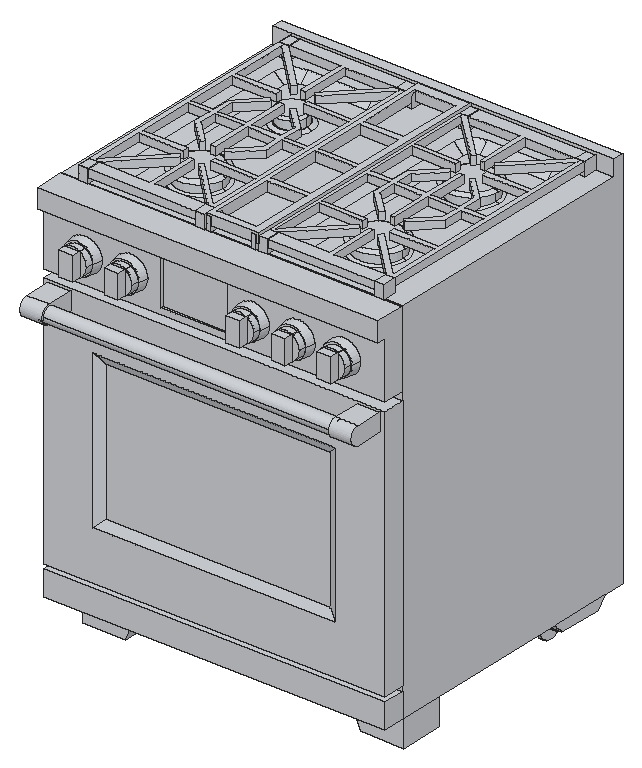
Revit family "DF30450_S_P", category Generic Models, Revit 2020
Family settings
  Can host rebar = No
  Round Connector Dimension = Use Diameter
  Part Type = Normal
  Work Plane-Based = No
  Always vertical = Yes
  Cut with Voids When Loaded = No
  Shared = No
  Room Calculation Point = No
Parameters
  Default Elevation = 0' - 0"
Reference planes (in)
  plane 1 "Center (Front/Back)": y = 0
  plane 2: z = 0
  plane 3 "Center (Left/Right)": x = 0
Forms (in)
  Extrusion 1, solid
    sketch origin (0, 0, 0) x (0, 1, 0) y (0, 0, 1)
      loop
        line (1.88976, 35.59055) -> (-0.70866, 35.59055) -> (-0.70866, 33.89764) -> (0, 33.89764) -> (0, 28.9252) -> (1.88976, 28.9252) -> (1.88976, 35.59055)
    from 0 to 29.88426
  Extrusion 2, solid
    sketch origin (0, 0, 0) x (0, 1, 0) y (0, 0, 1)
      loop
        line (26.14173, 36.9685) -> (25.15748, 36.9685) -> (25.15748, 35.59055) -> (1.9685, 35.59055) -> (1.9685, 3.14961) -> (26.14173, 3.14961) -> (26.14173, 36.9685)
    from 0 to 29.88426
  Extrusion 3, solid
    sketch origin (0, 0, 0) x (0, 1, 0) y (0, 0, 1)
      loop
        line (1.9685, 5.31496) -> (0, 5.31496) -> (0, 3.14961) -> (1.9685, 3.14961) -> (1.9685, 5.31496)
    from 0 to 29.88426
  Extrusion 4, solid
    sketch origin (0, 0, 0) x (0, 1, 0) y (0, 0, 1)
      loop
        line (0, 28.18898) -> (0, 5.70866) -> (1.9685, 5.70866) -> (1.9685, 28.18898) -> (0, 28.18898)
    from 0 to 29.88426
  Extrusion 5, solid
    sketch origin (0, 0, 0) x (0, 1, 0) y (0, 0, 1)
      loop
        line (0, 26.41732) -> (0, 27.99213) -> (-2.3622, 27.99213)
        arc (-2.3622, 27.99213) -> (-3.14961, 27.20472) -> (-2.3622, 26.41732) r 0.7874
        line (-2.3622, 26.41732) -> (0, 26.41732)
    from 0.40557 to 2.36419
  Extrusion 6, solid
    sketch origin (26.75, 0, 0) x (0, 1, 0) y (0, 0, 1)
      loop
        line (0, 26.41732) -> (0, 27.99213) -> (-2.3622, 27.99213)
        arc (-2.3622, 27.99213) -> (-3.14961, 27.20472) -> (-2.3622, 26.41732) r 0.7874
        line (-2.3622, 26.41732) -> (0, 26.41732)
    from 0.76968 to 2.73819
  Extrusion 7, solid
    sketch origin (0, 0, 0) x (0, 1, 0) y (0, 0, 1)
      loop
        circle (-2.41707, 27.24489) r 0.66649
    from 1.8261 to 27.87484
  Extrusion 8, solid
    sketch origin (0, 0, 0) x (1, 0, 0) y (0, 0, 1)
      loop
        line (0.84646, 3.14961) -> (0.84646, 0) -> (4.66535, 0) -> (5.90551, 3.14961) -> (0.84646, 3.14961)
    from -7.02923 to -3.18791
  Extrusion 9, solid
    sketch origin (0, 0, 0) x (1, 0, 0) y (0, 0, 1)
      loop
        line (23.97638, 3.14961) -> (25.21654, 0) -> (29.03543, 0) -> (29.03543, 3.14961) -> (23.97638, 3.14961)
    from -7.02923 to -3.18791
  Extrusion 10, solid
    sketch origin (0, 0, 0) x (0, 1, 0) y (0, 0, 1)
      loop
        line (24.17323, 3.14961) -> (18.66142, 3.14961) -> (19.45248, 2.27893) -> (23.38927, 2.27893) -> (24.17323, 3.14961)
    from 0 to 4.72441
  Extrusion 11, solid
    sketch origin (0, 0, 0) x (0, 1, 0) y (0, 0, 1)
      loop
        line (22.5954, 2.27893) -> (20.23924, 2.27893) -> (21.02362, 1.10236) -> (21.81102, 1.10236) -> (22.5954, 2.27893)
    from 1.5748 to 3.93701
  Extrusion 12, solid
    sketch origin (0, 0, 0) x (0, 1, 0) y (0, 0, 1)
      loop
        circle (21.41732, 1.10236) r 1.1236
    from 2.55906 to 2.95276
  Extrusion 13, solid
    sketch origin (25.15985, 0, 0) x (0, 1, 0) y (0, 0, 1)
      loop
        line (24.17323, 3.14961) -> (18.66142, 3.14961) -> (19.45248, 2.27893) -> (23.38927, 2.27893) -> (24.17323, 3.14961)
    from 0 to 4.72441
  Extrusion 14, solid
    sketch origin (24.3731, 0, 0) x (0, 1, 0) y (0, 0, 1)
      loop
        line (22.5954, 2.27893) -> (20.23924, 2.27893) -> (21.02362, 1.10236) -> (21.81102, 1.10236) -> (22.5954, 2.27893)
    from 1.5748 to 3.93701
  Extrusion 15, solid
    sketch origin (24.3731, 0, 0) x (0, 1, 0) y (0, 0, 1)
      loop
        circle (21.41732, 1.10236) r 1.1236
    from 2.55906 to 2.95276
  Blend 16, solid
    base sketch origin (0, 0, 0) x (1, 0, 0) y (0, 0, 1)
      loop
        circle (3.62205, 31.31299) r 1.45314
    top sketch origin (0, 0, 0) x (1, 0, 0) y (0, 0, 1)
      loop
        circle (3.62205, 31.31299) r 1.33532
    from 0 to 0.7874
  Extrusion 17, solid
    sketch origin (0, 0, 0) x (1, 0, 0) y (0, 0, 1)
      loop
        circle (3.62205, 31.31299) r 1.21601
    from 0 to 1.37795
  Extrusion 18, solid
    sketch origin (0, 0, 0) x (1, 0, 0) y (0, 0, 1)
      loop
        line (3.0315, 32.37598) -> (3.0315, 30.29013) -> (4.2126, 30.29013) -> (4.2126, 32.37598) -> (3.0315, 32.37598)
    from 0 to 2.15573
  Blend 19, solid, not visible
    base sketch origin (0, 0, 0) x (1, 0, 0) y (0, 0, 1)
      loop
        circle (3.62205, 31.31299) r 1.45314
    top sketch origin (0, 0, 0) x (1, 0, 0) y (0, 0, 1)
      loop
        circle (3.62205, 31.31299) r 1.33532
    from 0 to 0.7874
  Extrusion 20, solid, not visible
    sketch origin (0, 0, 0) x (1, 0, 0) y (0, 0, 1)
      loop
        circle (3.62205, 31.31299) r 1.21601
    from 0 to 1.37795
  Extrusion 21, solid, not visible
    sketch origin (0, 0, 0) x (1, 0, 0) y (0, 0, 1)
      loop
        line (3.0315, 32.37598) -> (3.0315, 30.29013) -> (4.2126, 30.29013) -> (4.2126, 32.37598) -> (3.0315, 32.37598)
    from 0 to 2.15573
  Blend 22, solid
    base sketch origin (4.01575, 0, 0) x (1, 0, 0) y (0, 0, 1)
      loop
        circle (3.62205, 31.31299) r 1.45314
    top sketch origin (4.01575, 0, 0) x (1, 0, 0) y (0, 0, 1)
      loop
        circle (3.62205, 31.31299) r 1.33532
    from 0 to 0.7874
  Extrusion 23, solid
    sketch origin (4.01575, 0, 0) x (1, 0, 0) y (0, 0, 1)
      loop
        circle (3.62205, 31.31299) r 1.21601
    from 0 to 1.37795
  Extrusion 24, solid
    sketch origin (4.01575, 0, 0) x (1, 0, 0) y (0, 0, 1)
      loop
        line (3.0315, 32.37598) -> (3.0315, 30.29013) -> (4.2126, 30.29013) -> (4.2126, 32.37598) -> (3.0315, 32.37598)
    from 0 to 2.15573
  Blend 25, solid
    base sketch origin (14.68504, 0, 0) x (1, 0, 0) y (0, 0, 1)
      loop
        circle (3.62205, 31.31299) r 1.45314
    top sketch origin (14.68504, 0, 0) x (1, 0, 0) y (0, 0, 1)
      loop
        circle (3.62205, 31.31299) r 1.33532
    from 0 to 0.7874
  Extrusion 26, solid
    sketch origin (14.68504, 0, 0) x (1, 0, 0) y (0, 0, 1)
      loop
        circle (3.62205, 31.31299) r 1.21601
    from 0 to 1.37795
  Extrusion 27, solid
    sketch origin (14.68504, 0, 0) x (1, 0, 0) y (0, 0, 1)
      loop
        line (3.0315, 32.37598) -> (3.0315, 30.29013) -> (4.2126, 30.29013) -> (4.2126, 32.37598) -> (3.0315, 32.37598)
    from 0 to 2.15573
  Blend 28, solid
    base sketch origin (18.6811, 0, 0) x (1, 0, 0) y (0, 0, 1)
      loop
        circle (3.62205, 31.31299) r 1.45314
    top sketch origin (18.6811, 0, 0) x (1, 0, 0) y (0, 0, 1)
      loop
        circle (3.62205, 31.31299) r 1.33532
    from 0 to 0.7874
  Extrusion 29, solid
    sketch origin (18.6811, 0, 0) x (1, 0, 0) y (0, 0, 1)
      loop
        circle (3.62205, 31.31299) r 1.21601
    from 0 to 1.37795
  Extrusion 30, solid
    sketch origin (18.6811, 0, 0) x (1, 0, 0) y (0, 0, 1)
      loop
        line (3.0315, 32.37598) -> (3.0315, 30.29013) -> (4.2126, 30.29013) -> (4.2126, 32.37598) -> (3.0315, 32.37598)
    from 0 to 2.15573
  Blend 31, solid
    base sketch origin (22.67717, 0, 0) x (1, 0, 0) y (0, 0, 1)
      loop
        circle (3.62205, 31.31299) r 1.45314
    top sketch origin (22.67717, 0, 0) x (1, 0, 0) y (0, 0, 1)
      loop
        circle (3.62205, 31.31299) r 1.33532
    from 0 to 0.7874
  Extrusion 32, solid
    sketch origin (22.67717, 0, 0) x (1, 0, 0) y (0, 0, 1)
      loop
        circle (3.62205, 31.31299) r 1.21601
    from 0 to 1.37795
  Extrusion 33, solid
    sketch origin (22.67717, 0, 0) x (1, 0, 0) y (0, 0, 1)
      loop
        line (3.0315, 32.37598) -> (3.0315, 30.29013) -> (4.2126, 30.29013) -> (4.2126, 32.37598) -> (3.0315, 32.37598)
    from 0 to 2.15573
  Extrusion 34, void
    sketch origin (0, 0, 0) x (1, 0, 0) y (0, 0, 1)
      loop
        line (16.12205, 33.47638) -> (10.21654, 33.47638) -> (10.21654, 29.46063) -> (16.12205, 29.46063) -> (16.12205, 33.47638)
    from -0.22861 to 12
  Blend 35, void
    base sketch origin (0, 0, 0) x (1, 0, 0) y (0, 0, 1)
      loop
        line (5.09843, 23.05118) -> (5.09843, 10.84646) -> (24.78347, 10.84646) -> (24.78347, 23.05118) -> (5.09843, 23.05118)
    top sketch origin (0, 0, 0) x (1, 0, 0) y (0, 0, 1)
      loop
        line (25.57087, 23.83858) -> (4.31102, 23.83858) -> (4.31102, 10.05905) -> (25.57087, 10.05905) -> (25.57087, 23.83858)
    from -0.3937 to 0
  Blend 36, void
    base sketch origin (0, 0, 0) x (1, 0, 0) y (0, 1, 0)
      loop
        arc (4.14855, 22.95276) -> (3.56747, 22.71206) -> (3.32677, 22.13098) r 0.82178
        line (3.32677, 22.13098) -> (3.32677, 4.8769)
        arc (3.32677, 4.8769) -> (3.56747, 4.29581) -> (4.14855, 4.05512) r 0.82178
        line (4.14855, 4.05512) -> (9.98531, 4.05512)
        arc (9.98531, 4.05512) -> (10.56639, 4.29581) -> (10.80709, 4.8769) r 0.82178
        line (10.80709, 4.8769) -> (10.80709, 22.13098)
        arc (10.80709, 22.13098) -> (10.56639, 22.71206) -> (9.98531, 22.95276) r 0.82178
        line (9.98531, 22.95276) -> (4.14855, 22.95276)
    top sketch origin (0, 0, 0) x (1, 0, 0) y (0, 1, 0)
      loop
        arc (4.12346, 23.74016) -> (2.98272, 23.26764) -> (2.5102, 22.1269) r 1.61326
        line (2.5102, 22.1269) -> (2.5102, 4.8769)
        arc (2.5102, 4.8769) -> (2.98101, 3.74026) -> (4.11765, 3.26945) r 1.60744
        line (4.11765, 3.26945) -> (10.0306, 3.26945)
        arc (10.0306, 3.26945) -> (11.13644, 3.7275) -> (11.59449, 4.83334) r 1.56388
        line (11.59449, 4.83334) -> (11.59449, 22.13098)
        arc (11.59449, 22.13098) -> (11.12317, 23.26884) -> (9.98531, 23.74016) r 1.60918
        line (9.98531, 23.74016) -> (4.12346, 23.74016)
    from 34.80848 to 35.59055
  Blend 37, void
    base sketch origin (15.74803, 0, 0) x (1, 0, 0) y (0, 1, 0)
      loop
        arc (4.14855, 22.95276) -> (3.56747, 22.71206) -> (3.32677, 22.13098) r 0.82178
        line (3.32677, 22.13098) -> (3.32677, 4.8769)
        arc (3.32677, 4.8769) -> (3.56747, 4.29581) -> (4.14855, 4.05512) r 0.82178
        line (4.14855, 4.05512) -> (9.98531, 4.05512)
        arc (9.98531, 4.05512) -> (10.56639, 4.29581) -> (10.80709, 4.8769) r 0.82178
        line (10.80709, 4.8769) -> (10.80709, 22.13098)
        arc (10.80709, 22.13098) -> (10.56639, 22.71206) -> (9.98531, 22.95276) r 0.82178
        line (9.98531, 22.95276) -> (4.14855, 22.95276)
    top sketch origin (15.74803, 0, 0) x (1, 0, 0) y (0, 1, 0)
      loop
        arc (4.12346, 23.74016) -> (2.98272, 23.26764) -> (2.5102, 22.1269) r 1.61326
        line (2.5102, 22.1269) -> (2.5102, 4.8769)
        arc (2.5102, 4.8769) -> (2.98101, 3.74026) -> (4.11765, 3.26945) r 1.60744
        line (4.11765, 3.26945) -> (10.0306, 3.26945)
        arc (10.0306, 3.26945) -> (11.13644, 3.7275) -> (11.59449, 4.83334) r 1.56388
        line (11.59449, 4.83334) -> (11.59449, 22.13098)
        arc (11.59449, 22.13098) -> (11.12317, 23.26884) -> (9.98531, 23.74016) r 1.60918
        line (9.98531, 23.74016) -> (4.12346, 23.74016)
    from 34.80848 to 35.59055
  Extrusion 38, solid
    sketch origin (0, 0, 0) x (1, 0, 0) y (0, 1, 0)
      loop
        line (1.55512, 25.15748) -> (1.55512, 1.88976) -> (12.57874, 1.88976) -> (12.57874, 25.15748) -> (1.55512, 25.15748)
      loop
        line (2.22659, 23.93701) -> (6.25887, 19.90473) -> (5.97639, 19.62225) -> (1.94342, 23.65522) -> (1.94342, 18.58268) -> (5.88583, 18.58268) -> (5.88583, 18.18898) -> (1.94342, 18.18898) -> (1.94342, 13.70079) -> (3.91732, 13.70079) -> (3.91732, 15.35713) -> (5.94192, 17.38172) -> (6.22031, 17.10333) -> (4.31102, 15.19405) -> (4.31102, 13.70079) -> (6.87008, 13.70079) -> (6.87008, 17.27886) -> (7.26545, 17.27886) -> (7.26545, 13.70079) -> (9.82036, 13.70079) -> (9.82036, 15.19738) -> (7.91548, 17.10225) -> (8.19345, 17.38021) -> (10.21654, 15.35713) -> (10.21654, 13.70079) -> (12.18504, 13.70079) -> (12.18504, 18.18898) -> (8.24803, 18.18898) -> (8.24803, 18.58268) -> (12.18504, 18.58268) -> (12.18504, 23.65908) -> (8.15161, 19.62565) -> (7.86344, 19.91382) -> (11.88664, 23.93701) -> (7.26378, 23.93701) -> (7.26378, 19.6063) -> (6.87008, 19.6063) -> (6.87008, 23.93701) -> (2.22659, 23.93701)
      loop
        line (9.82036, 11.79288) -> (9.82036, 13.30709) -> (7.26545, 13.30709) -> (7.26545, 9.74409) -> (6.87008, 9.74409) -> (6.87008, 13.30709) -> (4.31102, 13.30709) -> (4.31102, 11.81382) -> (6.22187, 9.90297) -> (5.94348, 9.62459) -> (3.91732, 11.65075) -> (3.91732, 13.31073) -> (1.94342, 13.31073) -> (1.94342, 8.38583) -> (5.88583, 8.38583) -> (5.88583, 7.99213) -> (1.94342, 7.99213) -> (1.94342, 3.37305) -> (5.97438, 7.40401) -> (6.26736, 7.11102) -> (2.22655, 3.07021) -> (6.86986, 3.07021) -> (6.86986, 7.40401) -> (7.26545, 7.40401) -> (7.26545, 3.07021) -> (11.90457, 3.07021) -> (7.84812, 7.12666) -> (8.11918, 7.39772) -> (12.18504, 3.33186) -> (12.18504, 7.99213) -> (8.24803, 7.99213) -> (8.24803, 8.38583) -> (12.18504, 8.38583) -> (12.18504, 13.30709) -> (10.21654, 13.30709) -> (10.21654, 11.65075) -> (8.19038, 9.62459) -> (7.92122, 9.89374) -> (9.82036, 11.79288)
    from 36.10253 to 36.77165
  Extrusion 39, solid
    sketch origin (0, 0, 0) x (1, 0, 0) y (0, 1, 0)
      loop
        line (11.79134, 3.07021) -> (11.79134, 1.88976) -> (12.57874, 1.88976) -> (12.57874, 3.07021) -> (11.79134, 3.07021)
      loop
        line (12.57874, 25.11811) -> (11.79134, 25.11811) -> (11.79134, 23.93701) -> (12.57874, 23.93701) -> (12.57874, 25.11811)
      loop
        line (1.55512, 25.11811) -> (1.55512, 23.93701) -> (2.34252, 23.93701) -> (2.34252, 25.11811) -> (1.55512, 25.11811)
      loop
        line (2.34252, 3.07021) -> (1.55512, 3.07021) -> (1.55512, 1.88976) -> (2.34252, 1.88976) -> (2.34252, 3.07021)
      loop
        line (13.16929, 3.07021) -> (12.77559, 3.07021) -> (12.77559, 1.88976) -> (13.16929, 1.88976) -> (13.16929, 3.07021)
      loop
        line (17.1063, 3.07021) -> (16.7126, 3.07021) -> (16.7126, 1.88976) -> (17.1063, 1.88976) -> (17.1063, 3.07021)
      loop
        line (13.16929, 25.11811) -> (12.77559, 25.11811) -> (12.77559, 23.93701) -> (13.16929, 23.93701) -> (13.16929, 25.11811)
      loop
        line (16.7126, 25.11811) -> (16.7126, 23.93701) -> (17.1063, 23.93701) -> (17.1063, 25.11811) -> (16.7126, 25.11811)
    from 35.59055 to 36.77165
  Extrusion 40, solid
    sketch origin (15.74803, 0, 0) x (1, 0, 0) y (0, 1, 0)
      loop
        line (1.55512, 25.15748) -> (1.55512, 1.88976) -> (12.57874, 1.88976) -> (12.57874, 25.15748) -> (1.55512, 25.15748)
      loop
        line (2.22659, 23.93701) -> (6.25887, 19.90473) -> (5.97639, 19.62225) -> (1.94342, 23.65522) -> (1.94342, 18.58268) -> (5.88583, 18.58268) -> (5.88583, 18.18898) -> (1.94342, 18.18898) -> (1.94342, 13.70079) -> (3.91732, 13.70079) -> (3.91732, 15.35713) -> (5.94192, 17.38172) -> (6.22031, 17.10333) -> (4.31102, 15.19405) -> (4.31102, 13.70079) -> (6.87008, 13.70079) -> (6.87008, 17.27886) -> (7.26545, 17.27886) -> (7.26545, 13.70079) -> (9.82036, 13.70079) -> (9.82036, 15.19738) -> (7.91548, 17.10225) -> (8.19345, 17.38021) -> (10.21654, 15.35713) -> (10.21654, 13.70079) -> (12.18504, 13.70079) -> (12.18504, 18.18898) -> (8.24803, 18.18898) -> (8.24803, 18.58268) -> (12.18504, 18.58268) -> (12.18504, 23.65908) -> (8.15161, 19.62565) -> (7.86344, 19.91382) -> (11.88664, 23.93701) -> (7.26378, 23.93701) -> (7.26378, 19.6063) -> (6.87008, 19.6063) -> (6.87008, 23.93701) -> (2.22659, 23.93701)
      loop
        line (9.82036, 11.79288) -> (9.82036, 13.30709) -> (7.26545, 13.30709) -> (7.26545, 9.74409) -> (6.87008, 9.74409) -> (6.87008, 13.30709) -> (4.31102, 13.30709) -> (4.31102, 11.81382) -> (6.22187, 9.90297) -> (5.94348, 9.62459) -> (3.91732, 11.65075) -> (3.91732, 13.31073) -> (1.94342, 13.31073) -> (1.94342, 8.38583) -> (5.88583, 8.38583) -> (5.88583, 7.99213) -> (1.94342, 7.99213) -> (1.94342, 3.37305) -> (5.97438, 7.40401) -> (6.26736, 7.11102) -> (2.22655, 3.07021) -> (6.86986, 3.07021) -> (6.86986, 7.40401) -> (7.26545, 7.40401) -> (7.26545, 3.07021) -> (11.90457, 3.07021) -> (7.84812, 7.12666) -> (8.11918, 7.39772) -> (12.18504, 3.33186) -> (12.18504, 7.99213) -> (8.24803, 7.99213) -> (8.24803, 8.38583) -> (12.18504, 8.38583) -> (12.18504, 13.30709) -> (10.21654, 13.30709) -> (10.21654, 11.65075) -> (8.19038, 9.62459) -> (7.92122, 9.89374) -> (9.82036, 11.79288)
    from 36.10253 to 36.77165
  Extrusion 41, solid
    sketch origin (15.74803, 0, 0) x (1, 0, 0) y (0, 1, 0)
      loop
        line (11.79134, 3.07021) -> (11.79134, 1.88976) -> (12.57874, 1.88976) -> (12.57874, 3.07021) -> (11.79134, 3.07021)
      loop
        line (12.57874, 25.11811) -> (11.79134, 25.11811) -> (11.79134, 23.93701) -> (12.57874, 23.93701) -> (12.57874, 25.11811)
      loop
        line (1.55512, 25.11811) -> (1.55512, 23.93701) -> (2.34252, 23.93701) -> (2.34252, 25.11811) -> (1.55512, 25.11811)
      loop
        line (2.34252, 3.07021) -> (1.55512, 3.07021) -> (1.55512, 1.88976) -> (2.34252, 1.88976) -> (2.34252, 3.07021)
    from 35.59055 to 36.77165
  Blend 42, solid
    base sketch origin (0, 0, 0) x (1, 0, 0) y (0, 1, 0)
      loop
        circle (7.09071, 18.35456) r 1.75898
    top sketch origin (0, 0, 0) x (1, 0, 0) y (0, 1, 0)
      loop
        circle (7.09071, 18.35456) r 1.42487
    from 34.80848 to 34.99711
  Blend 43, solid
    base sketch origin (0, -10.19685, 0) x (1, 0, 0) y (0, 1, 0)
      loop
        circle (7.09071, 18.35456) r 2.38325
    top sketch origin (0, -10.19685, 0) x (1, 0, 0) y (0, 1, 0)
      loop
        circle (7.09071, 18.35456) r 2
    from 34.80848 to 34.99711
  Extrusion 44, solid
    sketch origin (0, 0, 0) x (1, 0, 0) y (0, 1, 0)
      loop
        circle (7.10752, 18.34098) r 1.28657
    from 34.80848 to 35.7874
  Extrusion 45, solid
    sketch origin (0, -10.19685, 0) x (1, 0, 0) y (0, 1, 0)
      loop
        circle (7.10752, 18.34098) r 2.08832
    from 34.80848 to 35.7874
  Blend 46, solid
    base sketch origin (0, 0, 0.97892) x (1, 0, 0) y (0, 1, 0)
      loop
        circle (7.09071, 18.35456) r 1.42487
    top sketch origin (0, 0, 0.97892) x (1, 0, 0) y (0, 1, 0)
      loop
        circle (7.09071, 18.35456) r 1.25
    from 34.80848 to 34.99711
  Blend 47, solid
    base sketch origin (0, -10.19685, 0.97892) x (1, 0, 0) y (0, 1, 0)
      loop
        circle (7.09071, 18.35456) r 2.38325
    top sketch origin (0, -10.19685, 0.97892) x (1, 0, 0) y (0, 1, 0)
      loop
        circle (7.09071, 18.35456) r 2
    from 34.80848 to 34.99711
  Blend 48, solid
    base sketch origin (15.74803, 0, 0) x (1, 0, 0) y (0, 1, 0)
      loop
        circle (7.09071, 18.35456) r 2.38325
    top sketch origin (15.74803, 0, 0) x (1, 0, 0) y (0, 1, 0)
      loop
        circle (7.09071, 18.35456) r 2
    from 34.80848 to 34.99711
  Extrusion 49, solid
    sketch origin (15.74803, 0, 0) x (1, 0, 0) y (0, 1, 0)
      loop
        circle (7.10752, 18.34098) r 2.08832
    from 34.80848 to 35.7874
  Blend 50, solid
    base sketch origin (15.74803, 0, 0.97892) x (1, 0, 0) y (0, 1, 0)
      loop
        circle (7.09071, 18.35456) r 2.38325
    top sketch origin (15.74803, 0, 0.97892) x (1, 0, 0) y (0, 1, 0)
      loop
        circle (7.09071, 18.35456) r 2
    from 34.80848 to 34.99711
  Blend 51, solid
    base sketch origin (15.74803, -10.19685, 0) x (1, 0, 0) y (0, 1, 0)
      loop
        circle (7.09071, 18.35456) r 2.38325
    top sketch origin (15.74803, -10.19685, 0) x (1, 0, 0) y (0, 1, 0)
      loop
        circle (7.09071, 18.35456) r 2
    from 34.80848 to 34.99711
  Extrusion 52, solid
    sketch origin (15.74803, -10.19685, 0) x (1, 0, 0) y (0, 1, 0)
      loop
        circle (7.10752, 18.34098) r 2.08832
    from 34.80848 to 35.7874
  Blend 53, solid
    base sketch origin (15.74803, -10.19685, 0.97892) x (1, 0, 0) y (0, 1, 0)
      loop
        circle (7.09071, 18.35456) r 2.38325
    top sketch origin (15.74803, -10.19685, 0.97892) x (1, 0, 0) y (0, 1, 0)
      loop
        circle (7.09071, 18.35456) r 2
    from 34.80848 to 34.99711
  Extrusion 54, solid
    sketch origin (0, 0, 0) x (1, 0, 0) y (0, 1, 0)
      loop
        line (17.30315, 25.15748) -> (12.77559, 25.15748) -> (12.77559, 1.88976) -> (17.30315, 1.88976) -> (17.30315, 25.15748)
      loop
        line (16.7126, 7.99213) -> (13.16929, 7.99213) -> (13.16929, 2.48031) -> (16.7126, 2.48031) -> (16.7126, 7.99213)
      loop
        line (16.7126, 13.30709) -> (13.16929, 13.30709) -> (13.16929, 8.38583) -> (16.7126, 8.38583) -> (16.7126, 13.30709)
      loop
        line (16.7126, 18.18898) -> (13.16929, 18.18898) -> (13.16929, 13.70079) -> (16.7126, 13.70079) -> (16.7126, 18.18898)
      loop
        line (16.7126, 24.25133) -> (13.16929, 24.25133) -> (13.16929, 18.58268) -> (16.7126, 18.58268) -> (16.7126, 24.25133)
    from 36.10253 to 36.9685
Cuts and joins
  Extrusion 34 cuts Extrusion 1
  Blend 35 cuts Extrusion 4
  Blend 36, Blend 37 cuts Extrusion 2
  Blend 36 cuts Extrusion 8
  Blend 36 cuts Extrusion 10
  Blend 36 cuts Extrusion 11
Dimensions and locks (in)
  aligned and locked: plane 2 to level
